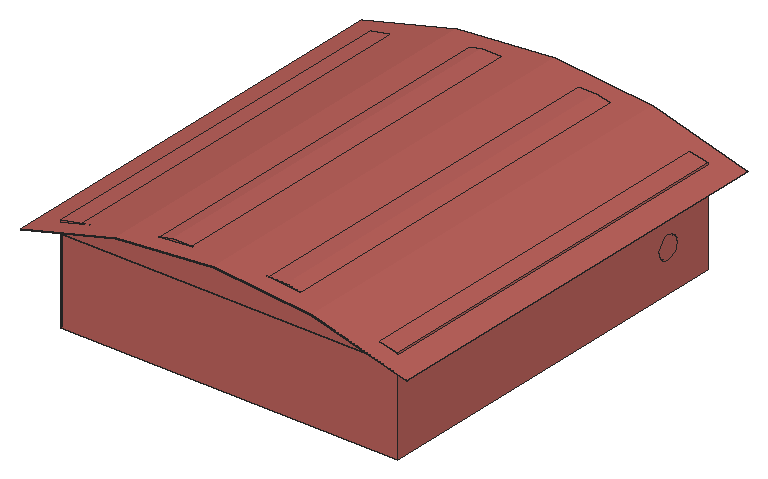
Revit family "GRAS_HW-19N-20-30 F", category Osprzęt hydrauliczny, Revit 2018
Family settings
  Obiekt nadrzędny = Powierzchnia
  Wymiar okrągłego złącza = Użyj średnicy
  Typ części = Normalny
  Tnij formami wycięć po wczytaniu = Nie
  Współdzielony = Nie
  Punkt obliczania pomieszczeń = Nie
Parameters (values of type "HW-19N-20/30 F, RAL3000")
  W2 = 100 mm
  W1 = 100 mm
  URL = "http://www.gras.pl/"
  Top Right Supply Connection = ""
  Top Left Supply Connection = ""
  Side Right Supply Connection = ""
  Side Left Supply Connection = ""
  Producent = "GRAS PPPH"
  Opis = "https://gras.pl/en/hw-19-n-20-30-f/"
  Model = "HW-19N-20/30 F, RAL3000"
  K Factor = 42
  H1 = 100 mm
  Flow = 35.0 L/s
  Door_Right - Door_Left [instance] = no
  Default Elevation = 0 mm
  DN = 19 mm
  D2 = 85 mm
  D1 = 85 mm
  Cabinet width = 680 mm
  Cabinet material = DC01, RAL3000
  Cabinet height = 780 mm
  Cabinet depth = 170 mm
  Back Right Supply Connection = ""
  Back Left Supply Connection = ""
Types (2, lengths in mm): name | Model | Cabinet material
  HW-19N-20/30 F, RAL3000 | "HW-19N-20/30 F, RAL3000" | DC01, RAL3000
  HW-19N-20/30 F, RAL9010 | "HW-19N-20/30 F, RAL9010" | DC01, RAL9010
Reference planes
  plane 1 "Środek (Przód/Tył)": y = 0
  plane 2: z = 0
  plane 3 "Środek (Lewa/Prawa)": x = 0
  plane 4: y = 390
  plane 5: y = -390
  plane 6: x = -340
  plane 7: x = 340
  plane 8: z = 170
  plane 9: z = 130
  plane 10: x = 397.5
  plane 11: z = 0
  plane 12: x = -397.5
  plane 13: z = 130
  plane 14: z = 130
Forms (mm)
  Extrusion 1, solid, not visible
    sketch origin (0, 0, 0) x (1, 0, 0) y (0, 1, 0)
      loop
        line (-1219.2, 1219.2) -> (-1219.2, -1219.2) -> (1219.2, -1219.2) -> (1219.2, 1219.2) -> (-1219.2, 1219.2)
    from 0 to -304.8
Dimensions and locks
  equal spacing: plane 4, plane 1 "Środek (Przód/Tył)", plane 5
  "Cabinet height": plane 4 to plane 5
  equal spacing: plane 6, plane 3 "Środek (Lewa/Prawa)", plane 7
  "Cabinet width": plane 6 to plane 7
  "Cabinet depth": plane 8 to Extrusion 1
  aligned and locked: plane 2 to Extrusion 1
  aligned and locked: level to Extrusion 1
  aligned and locked: Extrusion 1 to nested 1
  aligned and locked: nested 1 to plane 5  (x2)
  aligned and locked: plane 4 to nested 1  (x2)
  aligned and locked: plane 1 "Środek (Przód/Tył)" to nested 1
  aligned and locked: nested 1 to plane 6
  aligned and locked: nested 1 to plane 7
  aligned and locked: plane 8 to nested 1
Automatic sketch dimensions
  Extrusion 1 sketch curve to Extrusion 1 sketch curve = 2438.4 mm  (x2)
Nested families
  nested 1: "cabinet" at (0, 390, 0) x (-1, 0, 0) z (0, -1, 0), type "cabinet_on_the_wall"
    with W2 100 mm, W1 100 mm, H1 100 mm, Cabinet_Height 780 mm, Door_Height 860 mm
Connectors
  piping at (240, 389, 85), diameter 19, driven by "K Factor", driven by "Flow", driven by "DN", driven by "Top Right Supply Connection"
    settings: on nested 1, index 1, connector inside diameter 609.6 mm, connector length 0 mm, flow factor 0, pipe flow 35.0 L/s, pressure drop 0.0 Pa, fitting loss kfactor 42, connector angle 0.00°, fixture units 0, engagement length 0 mm, angle of deflection 0.00°, flow configuration 0, flow direction 1, fitting loss method 2, system type 23, joint type 0, gender type 0, connector reference index -1, connector utility 0, adjustable connector no, is connector primary yes, connector description ""
  piping at (-240, 390, 85), diameter 19, driven by "K Factor", driven by "DN", driven by "Flow", driven by "Top Left Supply Connection"
    settings: on nested 1, index 2, connector inside diameter 609.6 mm, connector length 0 mm, flow factor 0, pipe flow 35.0 L/s, pressure drop 0.0 Pa, fitting loss kfactor 42, connector angle 0.00°, fixture units 0, engagement length 0 mm, angle of deflection 0.00°, flow configuration 0, flow direction 1, fitting loss method 2, system type 23, joint type 0, gender type 0, connector reference index -1, connector utility 0, adjustable connector no, is connector primary no, connector description ""
  piping at (-340, 290, 85), diameter 19, driven by "K Factor", driven by "Flow", driven by "DN", driven by "Side Left Supply Connection"
    settings: on nested 1, index 4, connector inside diameter 609.6 mm, connector length 0 mm, flow factor 0, pipe flow 35.0 L/s, pressure drop 0.0 Pa, fitting loss kfactor 42, connector angle 0.00°, fixture units 0, engagement length 0 mm, angle of deflection 0.00°, flow configuration 0, flow direction 1, fitting loss method 2, system type 23, joint type 0, gender type 0, connector reference index -1, connector utility 0, adjustable connector no, is connector primary no, connector description ""
  piping at (240, 290, 1), diameter 19, driven by "K Factor", driven by "Flow", driven by "DN", driven by "Back Right Supply Connection"
    settings: on nested 1, index 6, connector inside diameter 609.6 mm, connector length 0 mm, flow factor 0, pipe flow 35.0 L/s, pressure drop 0.0 Pa, fitting loss kfactor 42, connector angle 0.00°, fixture units 0, engagement length 0 mm, angle of deflection 0.00°, flow configuration 0, flow direction 1, fitting loss method 2, system type 23, joint type 0, gender type 0, connector reference index -1, connector utility 0, adjustable connector no, is connector primary no, connector description ""
  piping at (-240, 290, 1), diameter 19, driven by "Flow", driven by "DN", driven by "Back Left Supply Connection", driven by "K Factor"
    settings: on nested 1, index 7, connector inside diameter 609.6 mm, connector length 0 mm, flow factor 0, pipe flow 35.0 L/s, pressure drop 0.0 Pa, fitting loss kfactor 42, connector angle 0.00°, fixture units 0, engagement length 0 mm, angle of deflection 0.00°, flow configuration 0, flow direction 1, fitting loss method 2, system type 23, joint type 0, gender type 0, connector reference index -1, connector utility 0, adjustable connector no, is connector primary no, connector description ""
  piping at (340, 290, 85), diameter 19, driven by "Flow", driven by "DN", driven by "Side Right Supply Connection", driven by "K Factor"
    settings: on nested 1, index 8, connector inside diameter 609.6 mm, connector length 0 mm, flow factor 0, pipe flow 35.0 L/s, pressure drop 0.0 Pa, fitting loss kfactor 42, connector angle 0.00°, fixture units 0, engagement length 0 mm, angle of deflection 0.00°, flow configuration 0, flow direction 1, fitting loss method 2, system type 23, joint type 0, gender type 0, connector reference index -1, connector utility 0, adjustable connector no, is connector primary no, connector description ""
Definition of nested family "cabinet"
  Parameters (values of type "cabinet_on_the_wall")
    W2 = 80 mm
    W1 = 80 mm
    H1 = 85 mm
    Frame_Solo = no
    Frame_KP = no
    Door_Right = no
    Door_Left = not(Door_Right)  # yes
    D2 = 85 mm
    D1 = 85 mm
    Cabinet_Width = 680 mm
    Sheet Thickness = 1 mm
    Cabinet_Height = 760 mm
    Frame Width = 18 mm
    Door_Width = Cabinet_Width + 100 mm  # 780 mm
    Door_Height = Cabinet_Height + 80 mm  # 840 mm
    Default Elevation = 0 mm
    Depth = 170 mm
    Cabinet_Color = none
    Base_Frame_Width = 18 mm
    0 = 0 mm
  Reference planes
    plane 1 "Środek (Przód/Tył)": y = 0
    plane 2: z = 0
    plane 3 "Środek (Lewa/Prawa)": x = 0
    plane 4: z = 380
    plane 5: z = 760
    plane 6: x = -340
    plane 7: x = 340
    plane 8: z = 800
    plane 9: z = -40
    plane 10: x = -390
    plane 11: x = 390
    plane 12: y = -170
  Forms (mm)
    Sweep 1, solid, material <- "Cabinet_Color", detail levels medium+fine
      path in 3D
        loop
          line (340, -170, 760) -> (340, -170, 0) -> (-340, -170, 0) -> (-340, -170, 760) -> (340, -170, 760)
      profile "profile_on_the_wall : profile_on_the_wall" origin (0, -170, 760) x (0, 1, 0) y (0, 0, 1)
        loop
          line (0, 0) -> (0, -18) -> (22, -18) -> (22, -31) -> (23, -31) -> (23, -17) -> (1, -17) -> (1, 0) -> (0, 0)
    Extrusion 2, solid, material <- "Cabinet_Color", detail levels coarse
      sketch origin (0, 0, 0) x (1, 0, 0) y (0, 0, 1)
        loop
          line (-340, 0) -> (340, 0) -> (340, 760) -> (-340, 760) -> (-340, 0)
      from 0 to 170
  Lines and regions (mm)
    sketch lines
      curve 1: line (-340, -170, 760) -> (340, -170, 760)
      curve 2: line (340, -170, 760) -> (340, -170, 0)
      curve 3: line (340, -170, 0) -> (-340, -170, 0)
      curve 4: line (-340, -170, 760) -> (-340, -170, 0)
  Dimensions and locks
    equal spacing: plane 5, plane 4, level
    "Cabinet_Height": plane 5 to level
    equal spacing: plane 7, plane 3 "Środek (Lewa/Prawa)", plane 6
    "Cabinet_Width": plane 7 to plane 6
    equal spacing: plane 8, plane 4, plane 9
    "Door_Height": plane 8 to plane 9
    equal spacing: plane 11, plane 3 "Środek (Lewa/Prawa)", plane 10
    "Door_Width": plane 11 to plane 10
    "Depth": plane 12 to plane 1 "Środek (Przód/Tył)"  (x2)
    "0": plane 4 to nested 2
    aligned and locked: level to plane 2
    aligned and locked: nested 1 to plane 1 "Środek (Przód/Tył)"
    aligned and locked: plane 5 to Sweep 1
    aligned and locked: Sweep 1 to level
    aligned and locked: Sweep 1 to plane 6
    aligned and locked: plane 7 to Sweep 1
    aligned and locked: nested 1 to plane 6
    aligned and locked: plane 7 to nested 1
    aligned and locked: nested 1 to level
    aligned and locked: plane 5 to nested 1
    aligned and locked: Extrusion 2 sketch curve to nested 1  (x3)
    aligned and locked: Extrusion 2 to plane 1 "Środek (Przód/Tył)"
    aligned and locked: Extrusion 2 to level  (x2)
    aligned and locked: Extrusion 2 to nested 1
    aligned and locked: plane 5 to Extrusion 2
    aligned and locked: Extrusion 2 to plane 6
    aligned and locked: plane 7 to Extrusion 2
    aligned and locked: Extrusion 2 to plane 12
    aligned and locked: nested 2 to plane 12
    aligned and locked: plane 3 "Środek (Lewa/Prawa)" to nested 2
  Automatic sketch dimensions
    Extrusion 2 sketch curve to level = 0 mm
  Nested families
    nested 1: "box" at (0, -85, 0), type "box", detail levels medium+fine
      with Width 680 mm, W2 80 mm, W1 80 mm, Height 760 mm, H1 85 mm, Depth 170 mm, D2 85 mm, D1 85 mm, Back Width 678 mm, Back Height 758 mm
    nested 2: "door_f" at (0, -170, -40), type "door_f"
  Definition of nested family "box"
    Parameters (values of type "box")
      diameter_outer_connection_cut = 22.5 mm
      diameter_inner_connection_cut = diameter_outer_connection_cut - 0.5 mm  # 22 mm
      Width = 795 mm
      W2 = 40 mm
      W1 = 70 mm
      Sheet Thickness = 1 mm
      Height = 795 mm
      H1 = 70 mm
      Depth = 133 mm
      D2 = 75 mm
      D1 = 65 mm
      Cabinet_Color = none
      Back Width [instance] = 793 mm
      Back Height [instance] = 793 mm
    Reference planes
      plane 1 "Środek (Przód/Tył)": y = 0
      plane 2: z = 0
      plane 3 "Środek (Lewa/Prawa)": x = 0
      plane 4: x = -397.5
      plane 5: x = 397.5
      plane 6: y = 66.5
      plane 7: y = -66.5
      plane 8: z = 795
      plane 9: z = 794
      plane 10: z = 1
      plane 11: x = -396.5
      plane 12: x = 396.5
      plane 13: y = 65.5
    Forms (mm)
      Extrusion 1, solid, material <- "Cabinet_Color"
        sketch origin (0, 0, 0) x (1, 0, 0) y (0, 1, 0)
          loop
            line (-397.5, 66.5) -> (-397.5, -66.5) -> (397.5, -66.5) -> (397.5, 66.5) -> (-397.5, 66.5)
        from 0 to 795
      Extrusion 2, void
        sketch origin (0, 0, 0) x (1, 0, 0) y (0, 0, 1)
          loop
            line (-396.5, 794) -> (-396.5, 1) -> (396.5, 1) -> (396.5, 794) -> (-396.5, 794)
        from -65.5 to 66.5
      Extrusion 3, void
        sketch origin (0, 0, 0) x (1, 0, 0) y (0, 1, 0)
          loop
            circle (-357.5, -8.5) r 22.5
          loop
            circle (-357.5, -8.5) r 22
        from 0 to 1
      Extrusion 4, void
        sketch origin (0, 0, 0) x (-1, 0, 0) y (0, -1, 0)
          loop
            circle (-357.5, 8.5) r 22.5
          loop
            circle (-357.5, 8.5) r 22
        from 0 to 1
      Extrusion 5, void
        sketch origin (0, 0, 0) x (1, 0, 0) y (0, 0, 1)
          loop
            circle (-327.5, 70) r 22.5
          loop
            circle (-327.5, 70) r 22
        from -66.5 to -65.5
      Extrusion 6, void
        sketch origin (0, 0, 0) x (-1, 0, 0) y (0, 0, -1)
          loop
            circle (-327.5, -70) r 22.5
          loop
            circle (-327.5, -70) r 22
        from -65.5 to -66.5
      Extrusion 7, void
        sketch origin (0, 0, 0) x (0, 1, 0) y (0, 0, 1)
          loop
            circle (1.5, 70) r 22.5
          loop
            circle (1.5, 70) r 22
        from 396.5 to 397.5
      Extrusion 8, void
        sketch origin (0, 0, 0) x (0, 1, 0) y (0, 0, -1)
          loop
            circle (1.5, -70) r 22.5
          loop
            circle (1.5, -70) r 22
        from 396.5 to 397.5
    Cuts and joins
      Extrusion 2, Extrusion 3, Extrusion 4, Extrusion 5, Extrusion 6, Extrusion 7, Extrusion 8 cuts Extrusion 1
    Dimensions and locks
      equal spacing: plane 4, plane 3 "Środek (Lewa/Prawa)", plane 5
      equal spacing: plane 6, plane 1 "Środek (Przód/Tył)", plane 7
      "Width": plane 4 to plane 5
      "Depth": plane 6 to plane 7
      "Height": plane 8 to level
      "Sheet Thickness": plane 8 to plane 9
      "Sheet Thickness": plane 10 to level
      "Sheet Thickness": plane 11 to plane 4
      "Sheet Thickness": plane 5 to plane 12
      "Back Width": plane 12 to plane 11
      "Back Height": plane 9 to plane 10
      "Sheet Thickness": plane 6 to plane 13
      "W2": cut or joined group 1 (Extrusion 1, Extrusion 2, Extrusion 3, Extrusion 4, Extrusion 5, Extrusion 6, Extrusion 7, Extrusion 8) to Extrusion 3 sketch curve
      "D2": cut or joined group 1 to Extrusion 3 sketch curve
      "W2": Extrusion 4 sketch curve to cut or joined group 1
      "D2": cut or joined group 1 to Extrusion 4 sketch curve
      "W1": cut or joined group 1 to Extrusion 5 sketch curve
      "H1": Extrusion 5 sketch curve to cut or joined group 1
      "D1": Extrusion 7 sketch curve to cut or joined group 1
      "H1": cut or joined group 1 to Extrusion 7 sketch curve
      "D1": cut or joined group 1 to Extrusion 8 sketch curve
      "H1": cut or joined group 1 to Extrusion 8 sketch curve
      "W1": cut or joined group 1 to Extrusion 6 sketch curve
      "H1": Extrusion 6 sketch curve to cut or joined group 1
      "diameter_outer_connection_cut": radius of Extrusion 3 sketch curve
      "diameter_inner_connection_cut": radius of Extrusion 3 sketch curve
      "diameter_outer_connection_cut": radius of Extrusion 4 sketch curve
      "diameter_inner_connection_cut": radius of Extrusion 4 sketch curve
      "diameter_outer_connection_cut": radius of Extrusion 5 sketch curve
      "diameter_inner_connection_cut": radius of Extrusion 5 sketch curve
      "diameter_outer_connection_cut": radius of Extrusion 6 sketch curve
      "diameter_inner_connection_cut": radius of Extrusion 6 sketch curve
      "diameter_outer_connection_cut": radius of Extrusion 7 sketch curve
      "diameter_inner_connection_cut": radius of Extrusion 7 sketch curve
      "diameter_outer_connection_cut": radius of Extrusion 8 sketch curve
      "diameter_inner_connection_cut": radius of Extrusion 8 sketch curve
      aligned and locked: level to plane 2
      aligned and locked: Extrusion 1 sketch curve to plane 6
      aligned and locked: plane 4 to Extrusion 1 sketch curve
      aligned and locked: plane 7 to Extrusion 1 sketch curve
      aligned and locked: Extrusion 1 sketch curve to plane 5
      aligned and locked: plane 8 to Extrusion 1
      aligned and locked: Extrusion 1 to level
      aligned and locked: Extrusion 1 to plane 7
      aligned and locked: Extrusion 2 sketch curve to plane 9
      aligned and locked: plane 11 to Extrusion 2 sketch curve
      aligned and locked: plane 10 to Extrusion 2 sketch curve
      aligned and locked: Extrusion 2 sketch curve to plane 12
      aligned and locked: plane 13 to Extrusion 2
      aligned and locked: Extrusion 2 to plane 7
      aligned and locked: Extrusion 3 to level
      aligned and locked: plane 10 to Extrusion 3
      aligned and locked: plane 6 to Extrusion 5
      aligned and locked: Extrusion 5 to plane 13
      aligned and locked: plane 5 to Extrusion 7
      aligned and locked: Extrusion 7 to plane 12
      aligned and locked: Extrusion 5 to Extrusion 2
      aligned and locked: Extrusion 6 to plane 13
      aligned and locked: plane 6 to Extrusion 6
      aligned and locked: plane 11 to Extrusion 8
      aligned and locked: Extrusion 8 to plane 4
      aligned and locked: Extrusion 1 to Extrusion 7
      aligned and locked: Extrusion 7 to Extrusion 2
    Automatic sketch dimensions
      Extrusion 3 sketch curve to Extrusion 3 sketch curve = 0 mm  (x2)
      Extrusion 4 sketch curve to Extrusion 4 sketch curve = 0 mm  (x2)
      Extrusion 5 sketch curve to Extrusion 5 sketch curve = 0 mm  (x2)
      Extrusion 6 sketch curve to Extrusion 6 sketch curve = 0 mm  (x2)
      Extrusion 7 sketch curve to Extrusion 7 sketch curve = 0 mm  (x2)
      Extrusion 8 sketch curve to Extrusion 8 sketch curve = 0 mm  (x2)
  Definition of nested family "door_f"
    Parameters (values of type "door_f")
      width = 680 mm
      thickness = 1 mm
      door_zero = door_r - door_depth  # 1075.003 mm
      door_width = 780 mm
      door_r_out = door_r + thickness  # 1151.003 mm
      door_r = 1150.003 mm
      door_height = 840 mm
      door_depth = 75 mm
      height = 760 mm
      Material = none
    Reference planes
      plane 1 "Środek (Przód/Tył)": y = 0
      plane 2: z = 0
      plane 3 "Środek (Lewa/Prawa)": x = 0
      plane 4: x = -390
      plane 5: x = 390
      plane 6: y = 1075.003
      plane 7: y = -75
      plane 8: z = 840
      plane 9: z = 420
      plane 10: x = -340
      plane 11: x = 340
      plane 12: z = 800
      plane 13: z = 40
    Forms (mm)
      Extrusion 1, solid, material <- "Material"
        sketch origin (0, 0, 0) x (1, 0, 0) y (0, 1, 0)
          loop
            line (-389.986, -6.855) -> (-389.986, -7.918)
            arc (-389.986, -7.918) -> (0.006, -76.001) -> (389.997, -7.917) r 1151.003
            line (389.997, -7.917) -> (389.997, -6.846)
            arc (389.997, -6.846) -> (0.006, -74.997) -> (-389.986, -6.855) r 1150.003
        from 0 to 840
      Extrusion 2, solid, material <- "Material"
        sketch origin (0, 0, 0) x (1, 0, 0) y (0, 1, 0)
          loop
            arc (-340, -23.59) -> (0, -75) -> (340, -23.59) r 1150.003
            line (340, -23.59) -> (340, 0) -> (-340, 0) -> (-340, -23.59)
        from 40 to 800
    Dimensions and locks
      equal spacing: plane 4, plane 3 "Środek (Lewa/Prawa)", plane 5
      "door_width": plane 4 to plane 5
      "door_depth": plane 1 "Środek (Przód/Tył)" to plane 7
      "door_zero": plane 6 to plane 1 "Środek (Przód/Tył)"
      "door_height": plane 8 to level
      equal spacing: plane 8, plane 9, level
      equal spacing: plane 10, plane 3 "Środek (Lewa/Prawa)", plane 11
      "width": plane 10 to plane 11
      equal spacing: plane 12, plane 9, plane 13
      "height": plane 12 to plane 13
      "door_r": radius of Extrusion 1 sketch curve
      "door_r_out": radius of Extrusion 1 sketch curve
      "door_r": radius of Extrusion 2 sketch curve
      aligned and locked: level to plane 2
      aligned and locked: plane 8 to Extrusion 1
      aligned and locked: Extrusion 1 to level
      aligned and locked: plane 1 "Środek (Przód/Tył)" to Extrusion 2 sketch curve
      aligned and locked: Extrusion 2 sketch curve to plane 11
      aligned and locked: plane 12 to Extrusion 2
      aligned and locked: Extrusion 2 to plane 13
    Automatic sketch dimensions
      plane 4 to Extrusion 1 sketch curve = 0.014 mm
      plane 6 to Extrusion 1 sketch curve = 0.003 mm
      Extrusion 1 sketch curve to plane 3 "Środek (Lewa/Prawa)" = 0.008 mm
      Extrusion 1 sketch curve to plane 6 = 0.001 mm
      plane 3 "Środek (Lewa/Prawa)" to Extrusion 1 sketch curve = 0.004 mm
      Extrusion 1 sketch curve to plane 5 = 0.003 mm
      Extrusion 2 sketch curve to plane 10 = 0 mm
      Extrusion 2 sketch curve to plane 3 "Środek (Lewa/Prawa)" = 0 mm
      Extrusion 2 sketch curve to plane 6 = 0 mm
